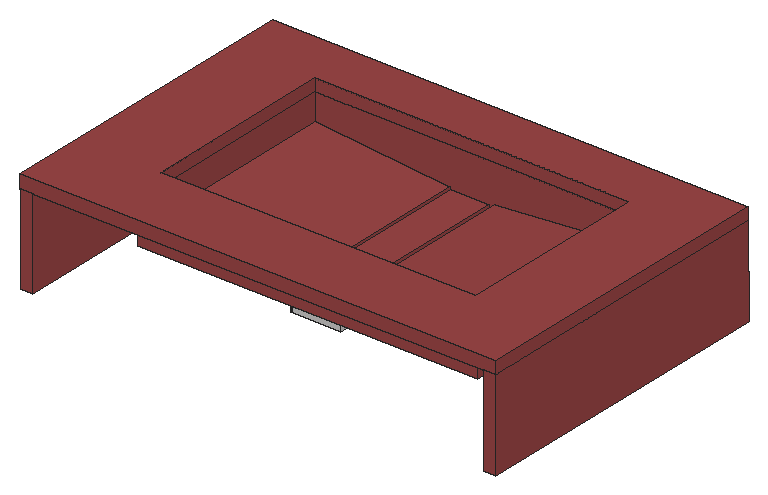
Revit family "Sanitary_Basins_Cosentino_Reflection1", category Plumbing Fixtures, host Wall, Revit 2020
Family settings
  Host = Wall
  Round Connector Dimension = Use Diameter
  Part Type = Normal
  Always vertical = Yes
  Cut with Voids When Loaded = No
  Shared = No
  Room Calculation Point = No
Parameters (values of type "Basin 490mm")
  Ι_Wdth Cntrl [instance] = if(Width < 450 mm, 450 mm, if(Width > 600 mm, 600 mm, Width))  # 490 mm
  Ι_Vd Dstnc [instance] = if(Tap Hole, 20 mm, 40 mm)  # 40 mm
  Ι_Typ Ntgr = 1
  Ι_Lngth Cntrl [instance] = if(and(Ι_Typ Ntgr = 1, Length < 740 mm, Standard Edge), 740 mm, if(and(Ι_Typ Ntgr = 1, Length < 700 mm), 700 mm, if(and(Ι_Typ Ntgr = 2, Length < 1140 mm, Standard Edge), 1140 mm, if(and(Ι_Typ Ntgr = 2, Length < 1100 mm), 1100 mm, if(and(Ι_Typ Ntgr = 3, Length < 1240 mm, Standard Edge), 1240 mm, if(and(Ι_Typ Ntgr = 3, Length < 1200 mm), 1200 mm, if(and(Ι_Typ Ntgr = 4, Length < 1440 mm, Standard Edge), 1440 mm, if(and(Ι_Typ Ntgr = 4, Length < 1400 mm), 1400 mm, if(Length > 3000 mm, 3000 mm, Length)))))))))  # 740 mm
  Ι_Hght Cntrl [instance] = if(and(Standard Edge, Edge Height < 125 mm), 125 mm, if(and(Standard Edge, Edge Height > 160 mm), 160 mm, Edge Height))  # 160 mm
  Ι_Ffst 2 [instance] = if(Front Offset < 50 mm, 50 mm, 80 mm)  # 80 mm
  Ι_Ffst [instance] = if((Side Offset < Ι_SO_mn), Ι_SO_mn, if(and((Side Offset > Ι_SO_mx), (Ι_Lngth Cntrl - Side Offset) > (Ι_Dstnc + Ι_SO_mn)), Ι_SO_mx, if(and((Side Offset > Ι_SO_mx), Side Offset > (Ι_Lngth Cntrl - Ι_Dstnc - Ι_SO_mn)), Ι_Lngth Cntrl - Ι_Dstnc - Ι_SO_mn, if(and((Ι_Lngth Cntrl - Ι_SO_mn - Ι_Dstnc) > Ι_SO_mx, Side Offset > Ι_SO_mx), Ι_SO_mx, if(and((Ι_Lngth Cntrl - Ι_SO_mx - Ι_Dstnc) > Ι_SO_mn, Side Offset > Ι_SO_mn), Ι_SO_mn, if((Ι_Lngth Cntrl - Side Offset) < (Ι_Dstnc + 2 * Ι_SO_mn), Ι_SO_mn, Side Offset))))))  # 120 mm
  Ι_Dstnc = if(Ι_Typ Ntgr = 1, 490 mm, if(Ι_Typ Ntgr = 2, 900 mm, if(Ι_Typ Ntgr = 3, 1000 mm, 1200 mm)))  # 490 mm
  Width [instance] = 490 mm
  Vent Connection = no
  URL = "www.cosentino.com"
  Tap Hole [instance] = no
  Standard Edge [instance] = yes
  Side Offset [instance] = 550 mm
  Ι_SO_mn [instance] = if(Standard Edge, 120 mm, 100 mm)  # 120 mm
  Ι_SO_mx [instance] = if(and(Ι_Typ Ntgr = 1, Standard Edge), 2380 mm, if(and(not(Standard Edge), Ι_Typ Ntgr = 1), 2400 mm, if(and(Ι_Typ Ntgr = 2, Standard Edge), 1980 mm, if(and(not(Standard Edge), Ι_Typ Ntgr = 2), 2200 mm, if(and(Ι_Typ Ntgr = 3, Standard Edge), 1880 mm, if(and(not(Standard Edge), Ι_Typ Ntgr = 3), 1920 mm, if(and(Ι_Typ Ntgr = 4, Standard Edge), 1680 mm, 1720 mm)))))))  # 2380 mm
  Product data url = "https://www.bimobject.com/cosentino/product/cosentino-reflection"
  Product Material = Natural Stone - Cosentino - Dekton - Vapour - Matt
  Product Guid = "3421ddd4-7f32-44d3-8549-346075c5a552"
  Model = "Reflection"
  Manufacturer = "Cosentino"
  Length [instance] = 740 mm
  Keynote = "10800"
  Height [instance] = if(Standard Edge, Ι_Hght Cntrl, 120 mm)  # 160 mm
  HW Connection = no
  Front Offset [instance] = 80 mm
  Edition number = 1
  Edge Height [instance] = 160 mm
  Description = "The basin is one of the stars of your bathroom. Cosentino offers unique designs which fit smoothly into your room, your style, and the needs of your family.\r\n\r\nWhether it’s for a master bathroom or a downstairs WC, we have the perfect product to transform your bathroom into a warm, welcoming space."
  Default Elevation = 0 mm
  CW Connection = no
  Assembly Code = "D2010400"
Reference planes
  plane 1 "Wall": y = 0
  plane 2 "Center (Left/Right)": x = 125
  plane 3 "Back": y = 75
  plane 4: x = -245
  plane 5: x = 495
  plane 6 "Front": y = 565
  plane 7: x = -225
  plane 8: x = 475
  plane 9 "Top": z = 900
  plane 10: x = -115
  plane 11: x = 130
  plane 12: x = 375
  plane 13: y = 485
  plane 14: y = 545
  plane 15: y = 185
  plane 16: y = 335
  plane 17: z = 880
  plane 18: z = 800
  plane 19 "Sink bottom": z = 780
  plane 20 "Void": z = 860
  plane 21 "Bottom": z = 740
  plane 22 "Connector": z = 754.327
Forms (mm)
  Extrusion 1, solid, material "Natural Stone - Cosentino - Dekton - Vapour - Matt" <- "Product Material", detail levels medium+fine
    sketch origin (0, 0, 900) x (1, 0, 0) y (0, 1, 0)
      loop
        line (-245, 565) -> (-245, 75) -> (495, 75) -> (495, 565) -> (-245, 565)
      loop
        line (-115, 185) -> (375, 185) -> (375, 485) -> (-115, 485) -> (-115, 185)
    from 0 to -20
  Extrusion 2, void
    sketch origin (0, 0, 900) x (1, 0, 0) y (0, 1, 0)
      loop
        circle (130, 130) r 15.875
    from -40 to -20
  Extrusion 3, solid, material "Natural Stone - Cosentino - Dekton - Vapour - Matt" <- "Product Material", visible <- "Standard Edge", detail levels medium+fine
    sketch origin (0, 0, 900) x (1, 0, 0) y (0, 1, 0)
      loop
        line (-245, 565) -> (-245, 75) -> (-225, 75) -> (-225, 545) -> (475, 545) -> (475, 75) -> (495, 75) -> (495, 565) -> (-245, 565)
    from -20 to -160
  Extrusion 4, solid, not visible
    sketch origin (0, 0, 754.327) x (1, 0, 0) y (0, 1, 0)
      loop
        circle (130, 335) r 1
    from 0 to 1
  Extrusion 5, solid, material "Natural Stone - Cosentino - Dekton - Vapour - Matt" <- "Product Material", detail levels fine
    sketch origin (2359.306, 225, 780) x (1, 0, 0) y (0, 1, 0)
      loop
        line (-2494.306, 280) -> (-2494.306, -60) -> (-1964.306, -60) -> (-1964.306, 280) -> (-2494.306, 280)
      loop
        line (-1984.306, -40) -> (-1984.306, 260) -> (-2474.306, 260) -> (-2474.306, -40) -> (-1984.306, -40)
    from 20 to 100
  Extrusion 6, solid, material "Natural Stone - Cosentino - Dekton - Vapour - Matt" <- "Product Material", detail levels coarse
    sketch origin (2359.306, 225, 780) x (1, 0, 0) y (0, 1, 0)
      loop
        line (-2604.306, 340) -> (-2604.306, -150) -> (-1864.306, -150) -> (-1864.306, 340) -> (-2604.306, 340)
    from -40 to 120
  Extrusion 7, solid, material "Natural Stone - Cosentino - Dekton - Vapour - Matt" <- "Product Material", detail levels medium
    sketch origin (2359.306, 225, 780) x (1, 0, 0) y (0, 1, 0)
      loop
        line (-2494.306, 280) -> (-2494.306, -60) -> (-1964.306, -60) -> (-1964.306, 280) -> (-2494.306, 280)
    from 0 to 20
  Extrusion 8, solid, material "Natural Stone - Cosentino - Dekton - Vapour - Matt" <- "Product Material", detail levels medium
    sketch origin (2359.306, 225, 800) x (1, 0, 0) y (0, 1, 0)
      loop
        line (-2494.306, 280) -> (-2494.306, -60) -> (-1964.306, -60) -> (-1964.306, 280) -> (-2494.306, 280)
      loop
        line (-1984.306, -40) -> (-1984.306, 260) -> (-2474.306, 260) -> (-2474.306, -40) -> (-1984.306, -40)
    from 0 to 80
  Extrusion 9, void
    sketch origin (2359.306, 225, 740) x (1, 0, 0) y (0, 1, 0)
      loop
        circle (-2229.306, 110) r 15.875
    from 0 to 40
  Sweep 10, solid, material "Metal - Cosentino - Stainless Steel", detail levels fine
    path origin (2359.306, 225, 800) x (1, 0, 0) y (0, 1, 0)
      loop
        line (-2267.306, 263) -> (-2267.306, -43) -> (-2191.306, -43) -> (-2191.306, 263) -> (-2267.306, 263)
    profile origin (130, 488, 800) x (0, 1, 0) y (0, 0, 1)
      loop
        line (0, -0.673) -> (0, -20.673) -> (1, -20.673) -> (1, -1.673) -> (10, -1.673) -> (10, -0.673) -> (0, -0.673)
  Extrusion 11, solid, material "Metal - Cosentino - Stainless Steel", detail levels fine
    sketch origin (2359.306, 225, 800) x (1, 0, 0) y (0, 1, 0)
      loop
        line (-2267.306, 263) -> (-2267.306, -43) -> (-2191.306, -43) -> (-2191.306, 263) -> (-2267.306, 263)
    from -20.673 to -19.673
  Extrusion 12, solid, material "Metal - Cosentino - Stainless Steel"
    sketch origin (2359.306, 225, 754.327) x (1, 0, 0) y (0, 1, 0)
      loop
        circle (-2229.306, 110) r 20
    from 0 to 25
  Extrusion 13, solid, material "Natural Stone - Cosentino - Dekton - Vapour - Matt" <- "Product Material", detail levels fine
    sketch origin (-919.796, 335, 1200) x (-1, 0, 0) y (0, 0, 1)
      loop
        line (-1084.796, -378.06) -> (-1294.796, -360) -> (-1294.796, -380.07) -> (-1084.796, -398.13) -> (-1084.796, -378.06)
      loop
        line (-1014.796, -378.06) -> (-1014.796, -398.13) -> (-804.796, -380.07) -> (-804.796, -360) -> (-1014.796, -378.06)
      loop
        line (-1079.796, -378.06) -> (-1079.796, -398.06) -> (-1019.796, -398.06) -> (-1019.796, -378.06) -> (-1079.796, -378.06)
    from -150 to 150
  Extrusion 14, void
    sketch origin (2359.306, 225, 754.327) x (1, 0, 0) y (0, 1, 0)
      loop
        line (-2259.306, 260) -> (-2259.306, 255) -> (-2199.306, 255) -> (-2199.306, 260) -> (-2259.306, 260)
      loop
        line (-2259.306, -40) -> (-2199.306, -40) -> (-2199.306, -35) -> (-2259.306, -35) -> (-2259.306, -40)
    from 0 to 105.673
Cuts and joins
  Extrusion 2 cuts Extrusion 1
  Extrusion 9 cuts Extrusion 6
  joined: Sweep 10, Extrusion 11
  Extrusion 14 cuts Extrusion 13
Text (mm)
  text "Placement Side" at (-1848.837, 1116.779, 0), in view "Ref. Level"
  text "Placement side" at (0, 1409.804, 2854.306), in view "Left"
  text "Placement side" at (0, 499.811, 2980.732), in view "Right"
Dimensions and locks
  locked: plane 3 "Back" to host wall
  "Ι_Wdth Cntrl": plane 3 "Back" to plane 6 "Front"
  locked: plane 4 to plane 7 at 20
  locked: plane 8 to plane 5 at 20
  "Ι_Lngth Cntrl": plane 4 to plane 5
  equal spacing: plane 10, plane 11, plane 12
  "Ι_Dstnc": plane 10 to plane 12
  "Ι_Ffst 2": plane 6 "Front" to plane 13
  locked: plane 6 "Front" to plane 14 at 20
  locked: plane 13 to plane 15 at 300
  equal spacing: plane 3 "Back", Extrusion 2 sketch curve, plane 15
  locked: plane 17 to plane 9 "Top" at 20
  locked: plane 19 "Sink bottom" to plane 18 at 20
  plane 19 "Sink bottom" to plane 9 "Top" = 120 mm
  "Ι_Vd Dstnc": plane 20 "Void" to plane 9 "Top"
  locked: plane 20 "Void" to Extrusion 2 at 20
  "Ι_Hght Cntrl": plane 21 "Bottom" to plane 9 "Top"
  "Ι_Ffst": plane 12 to plane 5
  equal spacing: plane 4, plane 2 "Center (Left/Right)", plane 5
  locked: plane 15 to Extrusion 5 sketch curve at 20
  locked: Extrusion 5 sketch curve to plane 13 at 20
  locked: Extrusion 5 sketch curve to plane 10 at 20
  locked: plane 12 to Extrusion 5 sketch curve at 20
  locked: Extrusion 7 sketch curve to plane 13 at 20
  locked: plane 15 to Extrusion 7 sketch curve at 20
  locked: Extrusion 7 sketch curve to plane 10 at 20
  locked: plane 12 to Extrusion 7 sketch curve at 20
  locked: plane 12 to Extrusion 8 sketch curve at 20
  locked: Extrusion 8 sketch curve to plane 10 at 20
  locked: plane 15 to Extrusion 8 sketch curve at 20
  locked: Extrusion 8 sketch curve to plane 13 at 20
  Extrusion 11 to plane 19 "Sink bottom" to Sweep 10 = 0.327 mm locked, 0.673 mm locked
  locked: plane 22 "Connector" to plane 9 "Top" at 145.673
  locked: Extrusion 12 to plane 22 "Connector" at 25
  plane 4 to plane 10 = 130 mm
  Extrusion 13 sketch curve to Extrusion 13 sketch curve to Extrusion 13 sketch curve to Extrusion 13 sketch curve to plane 9 "Top" = 18.06 mm locked, 2.01 mm locked, 18.06 mm locked, 60 mm locked  (x2)
  locked: Extrusion 13 sketch curve to plane 11 at 35
  locked: plane 11 to Extrusion 13 sketch curve at 35
  Extrusion 13 sketch curve to plane 11 to Extrusion 13 sketch curve = 30 mm locked, 30 mm locked
  Extrusion 13 sketch curve to Extrusion 13 sketch curve to plane 9 "Top" = 20 mm locked, 78.06 mm locked
  equal spacing: plane 13, plane 16, plane 15
  Extrusion 14 sketch curve to plane 11 to Extrusion 14 sketch curve = 30 mm locked, 30 mm locked  (x2)
  locked: Extrusion 14 sketch curve to plane 15 at 5
  locked: plane 13 to Extrusion 14 sketch curve at 5
  Sweep 10 sketch curve to plane 11 to Sweep 10 sketch curve = 38 mm locked, 38 mm locked
  locked: plane 15 to Sweep 10 sketch curve at 3
  locked: Sweep 10 sketch curve to plane 13 at 3
  locked: Extrusion 11 sketch curve to plane 13 at 3
  locked: plane 15 to Extrusion 11 sketch curve at 3
  Extrusion 11 sketch curve to plane 11 to Extrusion 11 sketch curve = 38 mm locked, 38 mm locked
  aligned and locked: plane 1 "Wall" to host wall
  aligned and locked: Extrusion 1 sketch curve to plane 3 "Back"
  aligned and locked: Extrusion 1 sketch curve to plane 6 "Front"
  aligned and locked: plane 5 to Extrusion 1 sketch curve
  aligned and locked: plane 4 to Extrusion 1 sketch curve
  aligned and locked: Extrusion 1 sketch curve to plane 15
  aligned and locked: Extrusion 1 sketch curve to plane 10
  aligned and locked: plane 13 to Extrusion 1 sketch curve
  aligned and locked: plane 12 to Extrusion 1 sketch curve
  aligned and locked: plane 11 to Extrusion 2 sketch curve
  aligned and locked: Extrusion 1 to plane 17
  aligned and locked: Extrusion 2 to plane 20 "Void"
  aligned and locked: plane 6 "Front" to Extrusion 3 sketch curve
  aligned and locked: Extrusion 3 sketch curve to plane 4
  aligned and locked: plane 7 to Extrusion 3 sketch curve
  aligned and locked: Extrusion 3 sketch curve to plane 14
  aligned and locked: Extrusion 3 sketch curve to plane 5
  aligned and locked: plane 8 to Extrusion 3 sketch curve
  aligned and locked: plane 3 "Back" to Extrusion 3 sketch curve  (x2)
  aligned and locked: plane 17 to Extrusion 3
  aligned and locked: Extrusion 3 to plane 21 "Bottom"
  aligned and locked: plane 11 to Extrusion 4 sketch curve
  aligned and locked: plane 16 to Extrusion 4 sketch curve
  aligned and locked: plane 10 to Extrusion 5 sketch curve
  aligned and locked: Extrusion 5 sketch curve to plane 13
  aligned and locked: Extrusion 5 sketch curve to plane 12
  aligned and locked: plane 15 to Extrusion 5 sketch curve
  aligned and locked: plane 17 to Extrusion 5
  aligned and locked: Extrusion 5 to plane 18
  aligned and locked: plane 5 to Extrusion 6 sketch curve
  aligned and locked: Extrusion 6 sketch curve to plane 3 "Back"
  aligned and locked: Extrusion 6 sketch curve to plane 6 "Front"
  aligned and locked: plane 4 to Extrusion 6 sketch curve
  aligned and locked: Extrusion 6 to plane 21 "Bottom"
  aligned and locked: plane 9 "Top" to Extrusion 6
  aligned and locked: plane 18 to Extrusion 7
  aligned and locked: plane 10 to Extrusion 8 sketch curve
  aligned and locked: Extrusion 8 sketch curve to plane 13
  aligned and locked: Extrusion 8 sketch curve to plane 12
  aligned and locked: plane 15 to Extrusion 8 sketch curve
  aligned and locked: plane 17 to Extrusion 8
  aligned and locked: plane 11 to Extrusion 9 sketch curve
  aligned and locked: plane 16 to Extrusion 9 sketch curve
  aligned and locked: plane 19 "Sink bottom" to Extrusion 9
  aligned and locked: plane 11 to Extrusion 12 sketch curve
  aligned and locked: plane 16 to Extrusion 12 sketch curve
  aligned and locked: plane 12 to Extrusion 13 sketch curve
  aligned and locked: plane 10 to Extrusion 13 sketch curve
  aligned and locked: plane 13 to Extrusion 13
  aligned and locked: Extrusion 13 to plane 15
  aligned and locked: Extrusion 14 sketch curve to plane 15
  aligned and locked: Extrusion 14 sketch curve to plane 13
  aligned and locked: plane 20 "Void" to Extrusion 14
Automatic sketch dimensions
  Sweep 10 sketch curve to profile plane = 0 mm
  Sweep 10 sketch curve to profile plane = 1 mm
  Sweep 10 sketch curve to plane 18 = 0.673 mm
  Sweep 10 sketch curve to Sweep 10 sketch curve = 9 mm
  Sweep 10 sketch curve to Sweep 10 sketch curve = 1 mm
  Sweep 10 sketch curve to Sweep 10 sketch curve = 19 mm
  radius of Extrusion 2 sketch curve = 15.875 mm
  radius of Extrusion 9 sketch curve = 15.875 mm
  radius of Extrusion 4 sketch curve = 1 mm
  radius of Extrusion 12 sketch curve = 20 mm
Connectors
  piping at (130, 335, 754.327), diameter 35
    settings: on Extrusion 4, index 1, connector inside diameter 609.6 mm, connector length 0 mm, flow factor 0, pipe flow 0.0 L/s, pressure drop 0.0 Pa, fitting loss kfactor 0, connector angle 0.00°, fixture units 0, engagement length 0 mm, angle of deflection 0.00°, flow configuration 3, flow direction 2, fitting loss method 0, system type 16, joint type 0, gender type 0, connector reference index -1, connector utility 0, adjustable connector no, is connector primary yes, connector description ""
